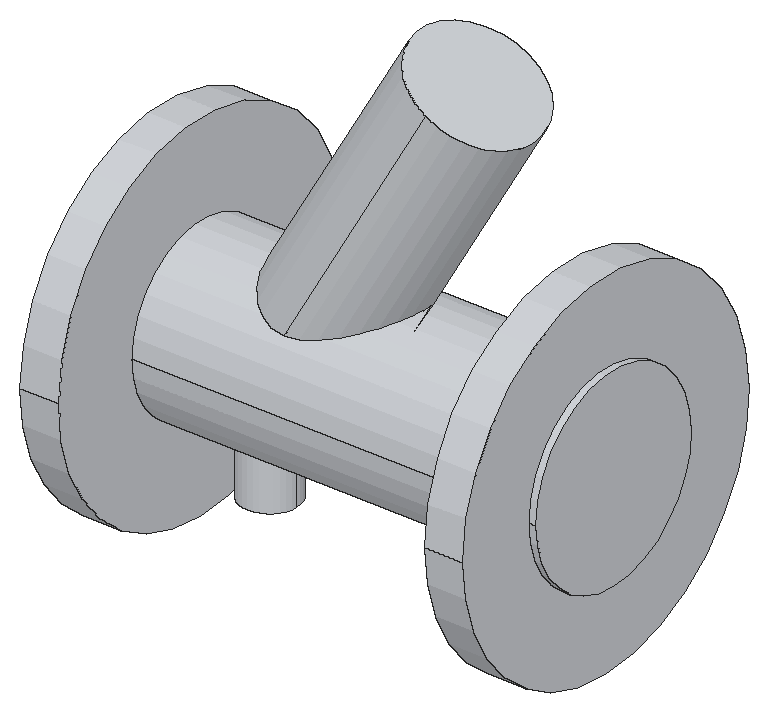
Revit family "HS 821-síto_standard-PN16-DN032-RFA_2018", category Pipe Accessories, Revit 2018
Family settings
  Round Connector Dimension = Use Diameter
  Part Type = Breaks Into
  Work Plane-Based = No
  Always vertical = Yes
  Cut with Voids When Loaded = No
  Shared = No
Parameters (values of type "821A-DN032-PN16-síto_standard")
  magiProductId = "227a0d18b21540afabe8b6067d35fa"
  magiProductFamilyId = "79214ac3aaa945e397802f559f5c1e"
  magiPartTypeId = 307
  isMeasuringValve [instance] = no
  ang2D [instance] = 0.00°
  ZB__ve = -ZB  # -23 mm
  ZB1 = 30.78 mm
  ZB = 23 mm
  X2 = 68.849 mm
  X1 = 25.2 mm
  W2D = 15 mm
  VersionID = "2.0/2017.9.26.1/ZETKAMA_821_001"
  Use Minimum Symbol Size [instance] = yes
  URL = "www.hydronix.cz"
  Type Comments = "Filtr přírubový; síto standardní; A-PN16 (-10~300°C); D-PN25 (-10~350°C); F-PN40 (-10~400°C)"
  S = 76 mm
  QmdConnectorList = "301;D;302;D"
  Productdata [instance] = ""
  Manufacturer = "Hydronix"
  MC Product Code = "200 132 (821A; DN032; PN16; kvs23,7; oko síta 1,00mm)"
  LM1 = 14.4 mm
  LM = 144 mm
  L4 = 45 mm
  L2D_Min = 3048 mm
  L2D = 130 mm
  L2 = 90 mm
  HH2 = 119.25 mm
  FD = 140 mm
  Description = "Filtr přírubový; síto standardní; 821A-PN16; 821D-PN25; 821F-PN40"
  DM1 = 50.4 mm
  DM = 68.4 mm
  D = 32 mm
  CC = 3.06 mm
  CAT0 = yes
  C1 = 14.94 mm
  C = 18 mm
  BD = 21.546 mm
Types (40, lengths in mm): name | magiProductId | ZB__ve | ZB1 | ZB | X2 | X1 | S | MC Product Code | LM1 | LM | L4 | L2 | HH2 | FD | DM1 | DM | D | CC | C1 | C | BD
  821A-DN015-PN16-síto_standard | "a71bcfe8b393460598b23e8ddf7dc5" | -16.25 | 18.63 | 16.25 | 46.982 | 18.2 | 46 | "200 115 (821A; DN015; PN16; kvs6,3; oko síta 1,00mm)" | 10.4 | 104 | 32.5 | 65 | 81.375 | 95 | 27.6 | 41.4 | 15 | 2.21 | 10.79 | 13 | 13.041
  821A-DN020-PN16-síto_standard | "41cd6c7a12924f4991217528336076" | -17.75 | 22.68 | 17.75 | 51.673 | 21 | 56 | "200 120 (821A; DN020; PN16; kvs11,2; oko síta 1,00mm)" | 12 | 120 | 37.5 | 75 | 89.5 | 105 | 33.6 | 50.4 | 20 | 2.55 | 12.45 | 15 | 15.876
  821A-DN025-PN16-síto_standard | "be378b463ed14c3abf4c9b3ae8cf3a" | -19.25 | 26.325 | 19.25 | 58.601 | 22.4 | 65 | "200 125 (821A; DN025; PN16; kvs14,7; oko síta 1,00mm)" | 12.8 | 128 | 40 | 80 | 101.5 | 115 | 43.2 | 58.5 | 25 | 2.72 | 13.28 | 16 | 18.427
  821A-DN032-PN16-síto_standard | "227a0d18b21540afabe8b6067d35fa" | -23 | 30.78 | 23 | 68.849 | 25.2 | 76 | "200 132 (821A; DN032; PN16; kvs23,7; oko síta 1,00mm)" | 14.4 | 144 | 45 | 90 | 119.25 | 140 | 50.4 | 68.4 | 32 | 3.06 | 14.94 | 18 | 21.546
  821A-DN040-PN16-síto_standard | "d106917c74724141a10440112d0102" | -24.5 | 34.02 | 24.5 | 75.777 | 28 | 84 | "200 140 (821A; DN040; PN16; kvs37,7; oko síta 1,00mm)" | 16 | 160 | 50 | 100 | 131.25 | 150 | 60 | 75.6 | 40 | 3.4 | 16.6 | 20 | 23.814
  821A-DN050-PN16-síto_standard | "8255d456a09e4f6486734f5dd9171b" | -26.75 | 40.095 | 26.75 | 79.061 | 32.2 | 99 | "200 150 (821A; DN050 PN16; kvs57,9; oko síta 1,00mm)" | 18.4 | 184 | 57.5 | 115 | 136.938 | 165 | 73.8 | 89.1 | 50 | 3.91 | 19.09 | 23 | 28.066
  821A-DN065-PN16-síto_standard | "235b1b3e4c0843779a4d5e3716d40a" | -29.75 | 47.79 | 29.75 | 86.927 | 40.6 | 118 | "200 165 (821A; DN065; PN16; kvs101,5; oko síta 1,25mm)" | 23.2 | 232 | 72.5 | 145 | 150.562 | 185 | 94.2 | 106.2 | 65 | 4.93 | 24.07 | 29 | 33.453
  821A-DN080-PN16-síto_standard | "a067f7c5236348ed8c820d16df7214" | -32 | 53.46 | 32 | 104.753 | 43.4 | 132 | "200 180 (821A; DN080; PN16; kvs147,4; oko síta 1,25mm)" | 24.8 | 248 | 77.5 | 155 | 181.438 | 200 | 107.4 | 118.8 | 80 | 5.27 | 25.73 | 31 | 37.422
  821A-DN100-PN16-síto_standard | "c49a648c2747461285837d643703cd" | -35 | 63.18 | 35 | 114.857 | 49 | 156 | "200 190 (821A; DN100; PN16; kvs209,6; oko síta 1,60mm)" | 28 | 280 | 87.5 | 175 | 198.937 | 220 | 131.4 | 140.4 | 100 | 5.95 | 29.05 | 35 | 44.226
  821A-DN125-PN16-síto_standard | "bf68e728a163493cbd2a663b26ebdc" | -39.5 | 74.52 | 39.5 | 131.888 | 56 | 184 | "200 191 (821A; DN125; PN16; kvs326,2; oko síta 1,60mm)" | 32 | 320 | 100 | 200 | 228.438 | 250 | 165 | 165.6 | 125 | 6.8 | 33.2 | 40 | 52.164
  821A-DN150-PN16-síto_standard | "2de770284b654863ae6bc865769dc5" | -44.75 | 85.455 | 44.75 | 155.885 | 67.2 | 211 | "200 192 (821A; DN150; PN16; kvs403; oko síta 1,60mm)" | 38.4 | 384 | 120 | 240 | 270 | 285 | 192 | 189.9 | 150 | 8.16 | 39.84 | 48 | 59.818
  821A-DN200-PN16-síto_standard | "8e5693371ab64aabb29a7f08c76e15" | -53 | 107.73 | 53 | 188.361 | 84 | 266 | "200 193 (821A; DN200; PN16; kvs707; oko síta 1,60mm)" | 48 | 480 | 150 | 300 | 326.25 | 340 | 252 | 239.4 | 200 | 10.2 | 49.8 | 60 | 75.411
  821A-DN250-PN16-síto_standard | "05e37ed948c34047acdd4c42556504" | -62.75 | 129.195 | 62.75 | 255.911 | 102.2 | 319 | "200 194 (821A; DN250; PN16; kvs1234; oko síta 1,60mm)" | 58.4 | 584 | 182.5 | 365 | 443.25 | 405 | 309.6 | 287.1 | 250 | 12.41 | 60.59 | 73 | 90.436
  821A-DN300-PN16-síto_standard | "9ad0af747269428da925480d83ce80" | -71 | 149.85 | 71 | 325.914 | 119 | 370 | "200 195 (821A; DN300; PN16; kvs1916; oko síta 1,60mm)" | 68 | 680 | 212.5 | 425 | 564.5 | 460 | 369.6 | 333 | 300 | 14.45 | 70.55 | 85 | 104.895
  821A-DN350-PN16-síto_standard | "eebc71459bb3451bb4355e7951370a" | -80 | 173.745 | 80 | 356.875 | 137.2 | 429 | "200 196 (821A; DN350; PN16; kvs2621; oko síta 1,60mm)" | 78.4 | 784 | 245 | 490 | 618.125 | 520 | 438 | 386.1 | 350 | 16.66 | 81.34 | 98 | 121.621
  821A-DN400-PN16-síto_standard | "d2f677cb196647e385b2590e7d8abe" | -89 | 194.4 | 89 | 392.237 | 154 | 480 | "200 197 (821A; DN400; PN16; kvs3460; oko síta 1,60mm)" | 88 | 880 | 275 | 550 | 679.375 | 580 | 498 | 432 | 400 | 18.7 | 91.3 | 110 | 136.08
  821D-DN015-PN25-síto_standard | "27ddcbf555414f8ca1fde329bf9087" | -16.25 | 18.63 | 16.25 | 46.982 | 18.2 | 46 | "200 215 (821D; DN015; PN25; kvs6,3; oko síta 1,00mm)" | 10.4 | 104 | 32.5 | 65 | 81.375 | 95 | 27.6 | 41.4 | 15 | 2.21 | 10.79 | 13 | 13.041
  821D-DN020-PN25-síto_standard | "270e0f14012f47189cd0235c18faee" | -17.75 | 22.68 | 17.75 | 51.673 | 21 | 56 | "200 220 (821D; DN020; PN25; kvs11,2; oko síta 1,00mm)" | 12 | 120 | 37.5 | 75 | 89.5 | 105 | 33.6 | 50.4 | 20 | 2.55 | 12.45 | 15 | 15.876
  821D-DN025-PN25-síto_standard | "b9a7fb4aa36643878c637d8e1ab992" | -19.25 | 26.325 | 19.25 | 58.601 | 22.4 | 65 | "200 225 (821D; DN025; PN25; kvs14,7; oko síta 1,00mm)" | 12.8 | 128 | 40 | 80 | 101.5 | 115 | 43.2 | 58.5 | 25 | 2.72 | 13.28 | 16 | 18.427
  821D-DN032-PN25-síto_standard | "6be9a55c4e68400f94eec7e804204c" | -23 | 30.78 | 23 | 68.849 | 25.2 | 76 | "200 232 (821D; DN032; PN25; kvs23,7; oko síta 1,00mm)" | 14.4 | 144 | 45 | 90 | 119.25 | 140 | 50.4 | 68.4 | 32 | 3.06 | 14.94 | 18 | 21.546
  821D-DN040-PN25-síto_standard | "c54511bd7f584ec2984291479612cb" | -24.5 | 34.02 | 24.5 | 75.777 | 28 | 84 | "200 240 (821D; DN040; PN25; kvs37,7; oko síta 1,00mm)" | 16 | 160 | 50 | 100 | 131.25 | 150 | 60 | 75.6 | 40 | 3.4 | 16.6 | 20 | 23.814
  821D-DN050-PN25-síto_standard | "5483b1f596b04cd39b23a14a22c90e" | -26.75 | 40.095 | 26.75 | 79.061 | 32.2 | 99 | "200 250 (821D; DN050; PN25; kvs57,9; oko síta 1,00mm)" | 18.4 | 184 | 57.5 | 115 | 136.938 | 165 | 73.8 | 89.1 | 50 | 3.91 | 19.09 | 23 | 28.066
  821D-DN065-PN25-síto_standard | "767b0f8318e94750bc7a9930ed5b30" | -29.75 | 47.79 | 29.75 | 86.927 | 40.6 | 118 | "200 265 (821D; DN065; PN25; kvs101,5; oko síta 1,25mm)" | 23.2 | 232 | 72.5 | 145 | 150.562 | 185 | 94.2 | 106.2 | 65 | 4.93 | 24.07 | 29 | 33.453
  821D-DN080-PN25-síto_standard | "e21040fa3cc2404b858198f6b73709" | -32 | 53.46 | 32 | 104.753 | 43.4 | 132 | "200 280 (821D; DN080; PN25; kvs147,4; oko síta 1,25mm)" | 24.8 | 248 | 77.5 | 155 | 181.438 | 200 | 107.4 | 118.8 | 80 | 5.27 | 25.73 | 31 | 37.422
  821D-DN100-PN25-síto_standard | "175ca87a506b40b3bc6b82f12f33cf" | -37.25 | 63.18 | 37.25 | 114.857 | 49 | 156 | "200 290 (821D; DN100; PN25; kvs209,6; oko síta 1,60mm)" | 28 | 280 | 87.5 | 175 | 198.937 | 235 | 131.4 | 140.4 | 100 | 5.95 | 29.05 | 35 | 44.226
  821D-DN125-PN25-síto_standard | "77cc98d60da24855999a22dff726b2" | -42.5 | 74.52 | 42.5 | 131.888 | 56 | 184 | "200 291 (821D; DN125; PN25; kvs326,2; oko síta 1,60mm)" | 32 | 320 | 100 | 200 | 228.438 | 270 | 165 | 165.6 | 125 | 6.8 | 33.2 | 40 | 52.164
  821D-DN150-PN25-síto_standard | "9cf8acfcd15547d68e83172d3abcbe" | -47 | 85.455 | 47 | 155.885 | 67.2 | 211 | "200 292 (821D; DN150; PN25; kvs403; oko síta 1,60mm)" | 38.4 | 384 | 120 | 240 | 270 | 300 | 192 | 189.9 | 150 | 8.16 | 39.84 | 48 | 59.818
  821D-DN200-PN25-síto_standard | "16973f3c9ea14389ba8602495a6b64" | -56 | 110.97 | 56 | 188.361 | 84 | 274 | "200 293 (821D; DN200; PN25; kvs707; oko síta 1,60mm)" | 48 | 480 | 150 | 300 | 326.25 | 360 | 252 | 246.6 | 200 | 10.2 | 49.8 | 60 | 77.679
  821F-DN015-PN40-síto_standard | "4c7eaf3c4c0340888b3e684d8a8616" | -16.25 | 18.225 | 16.25 | 46.982 | 18.2 | 45 | "240 615 (821F; DN015; PN40; kvs6,3; oko síta 1,00mm)" | 10.4 | 104 | 32.5 | 65 | 81.375 | 95 | 27.6 | 40.5 | 15 | 2.21 | 10.79 | 13 | 12.757
  821F-DN020-PN40-síto_standard | "aaac5f1ec96b44d6ba96ac2293d66d" | -17.75 | 23.49 | 17.75 | 51.673 | 21 | 58 | "240 620 (821F; DN020; PN40; kvs11,2; oko síta 1,00mm)" | 12 | 120 | 37.5 | 75 | 89.5 | 105 | 33.6 | 52.2 | 20 | 2.55 | 12.45 | 15 | 16.443
  821F-DN025-PN40-síto_standard | "504768023968471481789485b54c7e" | -19.25 | 27.54 | 19.25 | 58.601 | 22.4 | 68 | "240 625 (821F; DN025; PN40; kvs14,7; oko síta 1,00mm)" | 12.8 | 128 | 40 | 80 | 101.5 | 115 | 43.2 | 61.2 | 25 | 2.72 | 13.28 | 16 | 19.278
  821F-DN032-PN40-síto_standard | "165e7f39cf744f329bdf1c400dad12" | -23 | 31.59 | 23 | 68.849 | 25.2 | 78 | "240 632 (821F; DN032; PN40; kvs23,7; oko síta 1,00mm)" | 14.4 | 144 | 45 | 90 | 119.25 | 140 | 50.4 | 70.2 | 32 | 3.06 | 14.94 | 18 | 22.113
  821F-DN040-PN40-síto_standard | "b8903f952089408fbf3a5a632bab1f" | -24.5 | 35.64 | 24.5 | 75.777 | 28 | 88 | "240 640 (821F; DN040; PN40; kvs37,7; oko síta 1,00mm)" | 16 | 160 | 50 | 100 | 131.25 | 150 | 60 | 79.2 | 40 | 3.4 | 16.6 | 20 | 24.948
  821F-DN050-PN40-síto_standard | "c451f97266fe48da8f879cb6a2bd44" | -26.75 | 41.31 | 26.75 | 79.061 | 32.2 | 102 | "240 650 (821F; DN050; PN40; kvs57,9; oko síta 1,00mm)" | 18.4 | 184 | 57.5 | 115 | 136.938 | 165 | 73.8 | 91.8 | 50 | 3.91 | 19.09 | 23 | 28.917
  821F-DN065-PN40-síto_standard | "dc9821e3f9b34e128f6a8c6b34c198" | -29.75 | 49.41 | 29.75 | 86.927 | 40.6 | 122 | "240 665 (821F; DN065; PN40; kvs101,5; oko síta 1,25mm)" | 23.2 | 232 | 72.5 | 145 | 150.562 | 185 | 94.2 | 109.8 | 65 | 4.93 | 24.07 | 29 | 34.587
  821F-DN080-PN40-síto_standard | "689aa1e260f84cf4994f027a1d86b5" | -32 | 55.89 | 32 | 104.753 | 43.4 | 138 | "240 680 (821F; DN080; PN40; kvs147,4; oko síta 1,25mm)" | 24.8 | 248 | 77.5 | 155 | 181.438 | 200 | 107.4 | 124.2 | 80 | 5.27 | 25.73 | 31 | 39.123
  821F-DN100-PN40-síto_standard | "8a45d4e8e2ab425f8c432f21d684f3" | -37.25 | 65.61 | 37.25 | 114.857 | 49 | 162 | "240 690 (821F; DN100; PN40; kvs209,6; oko síta 1,6mm)" | 28 | 280 | 87.5 | 175 | 198.937 | 235 | 131.4 | 145.8 | 100 | 5.95 | 29.05 | 35 | 45.927
  821F-DN125-PN40-síto_standard | "cf073904c006406b8645afa67ea2fc" | -42.5 | 76.14 | 42.5 | 131.888 | 56 | 188 | "240 691 (821F; DN125; PN40; kvs326,2; oko síta 1,6mm)" | 32 | 320 | 100 | 200 | 228.438 | 270 | 165 | 169.2 | 125 | 6.8 | 33.2 | 40 | 53.298
  821F-DN150-PN40-síto_standard | "0153b9ddabe14992a630484929fdbc" | -47 | 88.29 | 47 | 155.885 | 67.2 | 218 | "240 692 (821F; DN150; PN40; kvs403; oko síta 1,6mm)" | 38.4 | 384 | 120 | 240 | 270 | 300 | 192 | 196.2 | 150 | 8.16 | 39.84 | 48 | 61.803
  821F-DN200-PN40-síto_standard | "7fb3fc01dd8d42428c203e3f8dd4d5" | -56 | 115.425 | 56 | 188.361 | 84 | 285 | "240 693 (821F; DN200; PN40; kvs707; oko síta 1,6mm)" | 48 | 480 | 150 | 300 | 326.25 | 360 | 252 | 256.5 | 200 | 10.2 | 49.8 | 60 | 80.797
Reference planes
  plane 1 "Center (Front/Back)": y = 0
  plane 2 "XYPLANE": z = 0
  plane 3 "Center (Left/Right)": x = 0
  plane 4 "109": x = -57.6
  plane 5 "108": x = 72
  plane 6 "107": x = -72
  plane 7 "105": x = 90
  plane 8 "104": x = -90
  plane 9 "103": y = 0
  plane 10 "102": z = 0
  plane 11 "101": x = -86.94
  plane 12 "100": x = 86.94
  plane 13 "11": x = -32.4
  plane 14 "10": z = 119.25
  plane 15 "9": x = 36.449
  plane 16 "5": z = -30.78
  plane 17 "4": x = -45
  plane 18 "1": x = 45
Forms (mm)
  Extrusion 1, solid, visible <- "CAT0"
    sketch origin (-72, -750, 0) x (0, 1, 0) y (0, 0, 1)
      loop
        circle (750, 0) r 34.2
    from 0 to 144 <- "LM"
  Extrusion 2, solid
    sketch origin (-90, -750, 0) x (0, 1, 0) y (0, 0, 1)
      loop
        circle (750, 0) r 38
    from 0 to 3.06 <- "CC"
  Extrusion 3, solid
    sketch origin (-86.94, -750, 0) x (0, 1, 0) y (0, 0, 1)
      loop
        circle (750, 0) r 70
    from 0 to 14.94 <- "C1"
  Extrusion 4, solid
    sketch origin (72, -750, 0) x (0, 1, 0) y (0, 0, 1)
      loop
        circle (750, 0) r 70
    from 0 to 14.94 <- "C1"
  Extrusion 5, solid
    sketch origin (86.94, -750, 0) x (0, 1, 0) y (0, 0, 1)
      loop
        circle (750, 0) r 38
    from 0 to 3.06 <- "CC"
  Sweep 6, solid, visible <- "CAT0"
    path origin (750, 0, 0) x (-1, 0, 0) y (0, 0, 1)
      loop
        line (822, 0) -> (782.4, 0) -> (713.551, 119.25)
    profile origin (-72, 0, 0) x (0, 0, -1) y (0, 1, 0)
      loop
        circle (0, 0) r 25.2
  Extrusion 7, solid, visible <- "CAT0"
    sketch origin (-750, 0, -30.78) x (1, 0, 0) y (0, 1, 0)
      loop
        circle (705, 0) r 10.773
    from 0 to -23 <- "ZB__ve"
  Extrusion 8, solid, visible <- "CAT0"
    sketch origin (-750, 0, -30.78) x (1, 0, 0) y (0, 1, 0)
      loop
        circle (795, 0) r 10.773
    from 0 to -23 <- "ZB__ve"
  Extrusion 9, solid, not visible
    sketch origin (90, -750, 0) x (0, 1, 0) y (0, 0, 1)
      loop
        circle (750, 0) r 10
    from 0 to -10
  Extrusion 10, solid, not visible
    sketch origin (-90, -750, 0) x (0, 1, 0) y (0, 0, 1)
      loop
        circle (750, 0) r 10
    from 0 to 10
Lines and regions (mm)
  reference lines, not visible
    curve 1: circle (2, 2, 0) r 1 normal (0, 0, 1)
Dimensions and locks
  plane 1 "Center (Front/Back)" to curve 1 = 2 mm
  "LM1": plane 6 "107" to plane 4 "109"
  "LM": plane 6 "107" to plane 5 "108"
  "C": plane 8 "104" to plane 6 "107"
  "L2": plane 3 "Center (Left/Right)" to plane 7 "105"
  "L2": plane 3 "Center (Left/Right)" to plane 8 "104"
  locked: plane 1 "Center (Front/Back)" to plane 9 "103"
  locked: plane 2 "XYPLANE" to plane 10 "102"
  "CC": plane 8 "104" to plane 11 "101"
  "C1": plane 5 "108" to plane 12 "100"
  "X1": plane 4 "109" to plane 13 "11"
  "HH2": plane 2 "XYPLANE" to plane 14 "10"
  "X2": plane 13 "11" to plane 15 "9"
  "ZB1": plane 2 "XYPLANE" to plane 16 "5"
  "L4": plane 8 "104" to plane 17 "4"
  "L2": plane 17 "4" to plane 18 "1"
  Sweep 6 sketch curve to Sweep 6 sketch curve = 0 mm  (x2)
  "DM": diameter of Extrusion 1 sketch curve
  "S": diameter of Extrusion 2 sketch curve
  "FD": diameter of Extrusion 3 sketch curve
  "FD": diameter of Extrusion 4 sketch curve
  "S": diameter of Extrusion 5 sketch curve
  "DM1": diameter of Sweep 6 sketch curve
  "BD": diameter of Extrusion 7 sketch curve
  "BD": diameter of Extrusion 8 sketch curve
  aligned and locked: level to plane 2 "XYPLANE"
  aligned and locked: Extrusion 1 sketch curve to plane 9 "103"
  aligned and locked: plane 10 "102" to Extrusion 1 sketch curve
  aligned and locked: Extrusion 2 sketch curve to plane 9 "103"
  aligned and locked: plane 10 "102" to Extrusion 2 sketch curve
  aligned and locked: Extrusion 3 sketch curve to plane 9 "103"
  aligned and locked: plane 10 "102" to Extrusion 3 sketch curve
  aligned and locked: Extrusion 4 sketch curve to plane 9 "103"
  aligned and locked: plane 10 "102" to Extrusion 4 sketch curve
  aligned and locked: Extrusion 5 sketch curve to plane 9 "103"
  aligned and locked: plane 10 "102" to Extrusion 5 sketch curve
  aligned and locked: Sweep 6 sketch curve to plane 9 "103"
  aligned and locked: plane 10 "102" to Sweep 6 sketch curve  (x3)
  aligned and locked: plane 6 "107" to Sweep 6 sketch curve
  aligned and locked: plane 13 "11" to Sweep 6 sketch curve
  aligned and locked: plane 14 "10" to Sweep 6 sketch curve
  aligned and locked: plane 15 "9" to Sweep 6 sketch curve
  aligned and locked: plane 9 "103" to Extrusion 7 sketch curve
  aligned and locked: plane 17 "4" to Extrusion 7 sketch curve
  aligned and locked: plane 9 "103" to Extrusion 8 sketch curve
  aligned and locked: plane 18 "1" to Extrusion 8 sketch curve
  aligned and locked: Extrusion 9 sketch curve to plane 9 "103"
  aligned and locked: plane 10 "102" to Extrusion 9 sketch curve
  aligned and locked: Extrusion 10 sketch curve to plane 9 "103"
  aligned and locked: plane 10 "102" to Extrusion 10 sketch curve
Automatic sketch dimensions
  plane 1 "Center (Front/Back)" to Extrusion 9 sketch curve = 10 mm
  plane 1 "Center (Front/Back)" to Extrusion 10 sketch curve = 10 mm
  plane 3 "Center (Left/Right)" to curve 1 = 2 mm
  radius of curve 1 = 1 mm
Connectors
  piping at (-90, 0, 0), diameter 32, driven by "D"
    settings: on Extrusion 10, index 1, connector inside diameter 609.6 mm, connector length 0 mm, flow factor 0, pipe flow 0.0 L/s, pressure drop 0.0 Pa, fitting loss kfactor 0, connector angle 0.00°, fixture units 0, engagement length 0 mm, angle of deflection 0.00°, flow configuration 0, flow direction 0, fitting loss method 0, system type 29, joint type 0, gender type 0, connector reference index 2, connector utility 0, adjustable connector no, is connector primary yes, connector description ""
  piping at (90, 0, 0), diameter 32, driven by "D"
    settings: on Extrusion 9, index 2, connector inside diameter 609.6 mm, connector length 0 mm, flow factor 0, pipe flow 0.0 L/s, pressure drop 0.0 Pa, fitting loss kfactor 0, connector angle 0.00°, fixture units 0, engagement length 0 mm, angle of deflection 0.00°, flow configuration 0, flow direction 0, fitting loss method 0, system type 29, joint type 0, gender type 0, connector reference index 1, connector utility 0, adjustable connector no, is connector primary no, connector description ""
